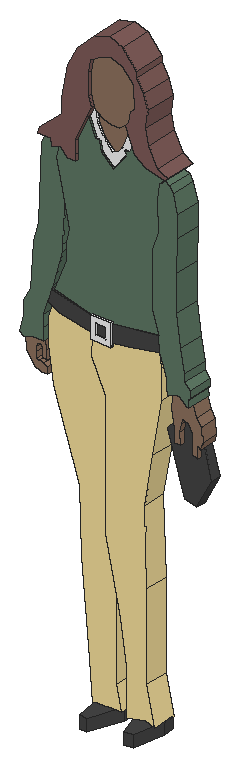
Revit family
Parameters (values of type "Lady")
  Height = 0 mm
  Assembly Code = ""
Types (2): name
  Man
  Lady
Reference planes
  plane 1 "Center (Front/Back)": y = 0
  plane 2: z = 0
  plane 3 "Center (Left/Right)": x = -11.745
  plane 4: through (-19.574, -6000, 974.301) normal (-0.1219, 0, 0.9925)
Forms (mm)
  Extrusion 1, solid, material "Fabric - Red Brown"
    sketch origin (0, 0, 0) x (1, 0, 0) y (0, 0, 1)
      loop
        line (-230.823, 1439.828) -> (-196.089, 1439.828) -> (-190.912, 1420.509) -> (-166.498, 1427.051) -> (-145.285, 1405.838) -> (-125.285, 1405.838) -> (-125.285, 1423.832) -> (-125.285, 1458.832) -> (-92.217, 1529.748) -> (-79.662, 1556.671) -> (-87.427, 1585.649) -> (-87.427, 1645.649) -> (-81.46, 1679.486) -> (-51.149, 1696.986) -> (-22.172, 1704.75) -> (10.718, 1692.779) -> (39.961, 1657.929) -> (39.961, 1623.947) -> (43.05, 1620.858) -> (43.05, 1595.517) -> (32.675, 1585.143) -> (27.466, 1555.599) -> (18.421, 1544.429) -> (43.05, 1480.269) -> (75.816, 1457.326) -> (128.942, 1443.091) -> (137.368, 1451.517) -> (109.954, 1468.647) -> (84.06, 1517.346) -> (75.177, 1559.137) -> (79.881, 1603.891) -> (69.168, 1643.869) -> (48.699, 1679.324) -> (48.699, 1694.187) -> (9.472, 1740.936) -> (-28.26, 1754.669) -> (-70.184, 1743.436) -> (-117.127, 1696.493) -> (-147.778, 1641.197) -> (-163.406, 1552.564) -> (-163.406, 1512.564) -> (-226.574, 1455.688) -> (-230.823, 1439.828)
    from -40 to 50
  Extrusion 2, solid, material "Fabric - Dark Skin"
    sketch origin (0, 0, 0) x (1, 0, 0) y (0, 0, 1)
      loop
        line (-81.46, 1679.486) -> (-87.427, 1645.649) -> (-87.427, 1585.649) -> (-80.153, 1558.502) -> (-71.094, 1548.081) -> (-50.259, 1534.028) -> (-28.13, 1527.263) -> (-5.207, 1527.263) -> (6.928, 1536.079) -> (18.421, 1544.429) -> (27.466, 1555.599) -> (32.675, 1585.143) -> (43.05, 1595.517) -> (43.05, 1620.858) -> (39.961, 1623.947) -> (39.961, 1657.929) -> (10.718, 1692.779) -> (-23.558, 1703.95) -> (-52.536, 1696.185) -> (-81.46, 1679.486)
    from -24.522 to 41.24
  Extrusion 3, solid, material "Fabric - Dark Skin"
    sketch origin (0, 0, 0) x (1, 0, 0) y (0, 0, 1)
      loop
        line (-70.945, 1547.981) -> (-73.496, 1539.638) -> (-71.481, 1520.467) -> (-55.78, 1486.797) -> (-27.496, 1458.513) -> (-8.824, 1465.68) -> (2.36, 1482.261) -> (22.07, 1533.608) -> (17.988, 1544.242) -> (-5.382, 1527.263) -> (-28.13, 1527.263) -> (-50.259, 1534.028) -> (-70.945, 1547.981)
    from -19.282 to 33.499
  Extrusion 4, solid, material "Fabric - White"
    sketch origin (0, 0, 0) x (1, 0, 0) y (0, 0, 1)
      loop
        line (22.07, 1533.608) -> (2.36, 1482.261) -> (-8.824, 1465.68) -> (-27.496, 1458.513) -> (-54.997, 1486.015) -> (-71.503, 1519.757) -> (-73.593, 1539.648) -> (-71.028, 1548.037) -> (-79.662, 1556.671) -> (-93.095, 1527.863) -> (-73.671, 1477.263) -> (-63.671, 1477.263) -> (-57.195, 1448.801) -> (-22.743, 1417.78) -> (13.624, 1464.328) -> (9.368, 1475.418) -> (22.243, 1475.418) -> (34.613, 1500.933) -> (22.07, 1533.608)
    from -31.935 to 38.256
  Extrusion 5, solid, material "Fabric - Suit Green"
    sketch origin (0, 0, 0) x (1, 0, 0) y (0, 0, 1)
      loop
        line (34.613, 1500.933) -> (22.243, 1475.418) -> (9.368, 1475.418) -> (13.624, 1464.328) -> (-22.743, 1417.78) -> (-57.195, 1448.801) -> (-63.022, 1474.409) -> (-73.671, 1477.263) -> (-93.095, 1527.863) -> (-125.285, 1458.832) -> (-125.285, 1405.838) -> (-145.285, 1405.838) -> (-170.358, 1430.911) -> (-177.043, 1424.225) -> (-186.082, 1390.492) -> (-171.46, 1327.158) -> (-146.716, 1219.977) -> (-157.336, 1180.54) -> (-157.336, 1135.54) -> (-189.72, 1051.176) -> (-83.498, 1022.571) -> (-23.498, 1022.571) -> (115.459, 1039.633) -> (94.181, 1109.23) -> (94.181, 1169.472) -> (94.181, 1254.472) -> (112.535, 1304.898) -> (112.535, 1339.898) -> (110.964, 1384.871) -> (114.886, 1429.699) -> (128.393, 1443.206) -> (75.267, 1457.441) -> (42.501, 1480.384) -> (34.613, 1500.933)
    from -24.522 to 41.24
  Extrusion 6, solid, material "Fabric - Suit Green"
    sketch origin (0, 0, 0) x (1, 0, 0) y (0, 0, 1)
      loop
        line (-216.344, 1439.828) -> (-222.604, 1433.569) -> (-234.088, 1408.94) -> (-241.37, 1200.399) -> (-255.41, 1148.002) -> (-264.13, 1023.307) -> (-284.13, 988.666) -> (-284.13, 948.666) -> (-295.777, 905.199) -> (-285.17, 894.593) -> (-261.909, 903.059) -> (-226.909, 903.059) -> (-226.909, 938.059) -> (-226.909, 973.059) -> (-199.842, 1056.365) -> (-175.254, 1148.128) -> (-175.254, 1168.128) -> (-165.837, 1302.799) -> (-186.082, 1390.492) -> (-177.043, 1424.225) -> (-190.912, 1420.509) -> (-196.089, 1439.828) -> (-216.344, 1439.828)
    from -31.935 to 33.499
  Extrusion 7, solid, material "Fabric - Dark Skin"
    sketch origin (0, 0, 0) x (1, 0, 0) y (0, 0, 1)
      loop
        line (-285.17, 894.593) -> (-280.926, 862.174) -> (-270.802, 841.417) -> (-258.231, 826.955) -> (-239.275, 818.116) -> (-222.978, 818.116) -> (-221.358, 836.629) -> (-232.406, 841.781) -> (-247.02, 844.357) -> (-253.27, 848.734) -> (-253.27, 865.965) -> (-253.27, 877.162) -> (-248.508, 887.374) -> (-241.275, 887.374) -> (-236.751, 879.538) -> (-236.751, 868.342) -> (-237.873, 855.522) -> (-224.293, 853.127) -> (-225.601, 878.093) -> (-226.909, 903.059) -> (-261.909, 903.059) -> (-285.17, 894.593)
    from -12.054 to 26.668
  Extrusion 8, solid, material "Fabric - Dark Skin"
    sketch origin (0, 0, 0) x (1, 0, 0) y (0, 0, 1)
      loop
        line (157.184, 907.279) -> (141.176, 902.99) -> (137.414, 888.95) -> (134.13, 857.705) -> (138.757, 842.572) -> (143.517, 808.704) -> (143.517, 773.704) -> (161.22, 774.942) -> (158.97, 807.121) -> (164.872, 829.146) -> (167.981, 840.75) -> (183.348, 836.633) -> (193.913, 813.975) -> (193.913, 758.975) -> (208.364, 755.103) -> (208.364, 788.109) -> (218.214, 782.421) -> (222.562, 798.645) -> (219.771, 838.548) -> (207.236, 860.26) -> (198.465, 888.95) -> (192.229, 888.95) -> (172.072, 909.107) -> (157.184, 907.279)
    from -16.163 to 32.714
  Extrusion 9, solid, material "Fabric - Black"
    sketch origin (0, 0, 0) x (1, 0, 0) y (0, 0, 1)
      loop
        line (141.017, 826.488) -> (114.006, 794.297) -> (163.709, 631.725) -> (197.516, 622.667) -> (240.431, 703.377) -> (218.214, 782.421) -> (207.943, 787.883) -> (207.943, 754.79) -> (193.913, 758.549) -> (193.913, 813.975) -> (183.348, 836.633) -> (167.981, 840.75) -> (158.97, 807.121) -> (161.22, 774.942) -> (143.517, 773.704) -> (143.517, 808.704) -> (141.017, 826.488)
    from -6.049 to 20.272
  Extrusion 10, solid, material "Fabric - Black"
    sketch origin (0, 0, 0) x (1, 0, 0) y (0, 0, 1)
      loop
        line (-195.073, 1052.617) -> (-203.558, 1015.864) -> (-173.498, 999.201) -> (-80.244, 981.074) -> (-80.244, 968.356) -> (-24.51, 965.199) -> (-24.51, 975.199) -> (21.902, 980.898) -> (113.789, 998.759) -> (111.671, 1039.168) -> (-23.498, 1022.571) -> (-83.498, 1022.571) -> (-195.073, 1052.617)
    from -28.24 to 44.885
  Extrusion 11, solid, material "Fabric - Yellow"
    sketch origin (0, 0, 0) x (1, 0, 0) y (0, 0, 1)
      loop
        line (-81.254, 968.4) -> (-86.184, 917.744) -> (-44.989, 829.399) -> (-44.989, 478.047) -> (-2.545, 278.364) -> (13.941, 161.061) -> (13.941, 30.704) -> (68.399, 42.279) -> (94.08, 32.932) -> (71.982, 136.895) -> (71.982, 379.148) -> (64.653, 589.02) -> (88.964, 726.893) -> (115.011, 874.614) -> (115.011, 958.191) -> (109.445, 997.802) -> (23.47, 981.09) -> (-24.51, 975.199) -> (-24.51, 965.426) -> (-81.254, 968.4)
    from -24.522 to 41.24
  Extrusion 12, solid, material "Fabric - Yellow"
    sketch origin (0, 0, 0) x (1, 0, 0) y (0, 0, 1)
      loop
        line (-198.685, 1013.163) -> (-214.974, 968.583) -> (-214.974, 898.583) -> (-201.057, 799.557) -> (-126.893, 571.303) -> (-120.611, 391.413) -> (-98.386, 137.383) -> (-88.609, 25.629) -> (-44.52, 35) -> (-6.081, 35) -> (-20.402, 102.378) -> (-20.402, 362.378) -> (-44.989, 478.047) -> (-44.989, 829.399) -> (-85.868, 917.065) -> (-80.244, 968.356) -> (-80.244, 981.074) -> (-173.498, 999.201) -> (-198.685, 1013.163)
    from -16.809 to 33.499
  Extrusion 13, solid, material "Fabric - Suit Green"
    sketch origin (0, 0, 0) x (1, 0, 0) y (0, 0, 1)
      loop
        line (128.393, 1443.206) -> (113.992, 1430.238) -> (110.07, 1385.409) -> (112.862, 1305.458) -> (94.901, 1256.109) -> (94.901, 1106.109) -> (115.367, 1039.168) -> (111.671, 1039.168) -> (113.789, 998.759) -> (123.75, 977.691) -> (136.293, 945.016) -> (134.282, 916.254) -> (136.887, 901.482) -> (157.042, 907.262) -> (172.377, 908.931) -> (192.359, 888.95) -> (198.465, 888.95) -> (196.375, 908.141) -> (203.446, 915.212) -> (203.446, 935.212) -> (187.215, 951.443) -> (187.215, 971.443) -> (175.928, 1035.456) -> (164.098, 1119.628) -> (164.098, 1221.383) -> (167.179, 1309.607) -> (167.179, 1371.296) -> (155.083, 1419.811) -> (145.083, 1437.131) -> (128.393, 1443.206)
    from -19.282 to 50
  Extrusion 14, solid, material "Fabric - White"
    sketch origin (0, 0, 0) x (1, 0, 0) y (0, 0, 1)
      loop
        line (-80.244, 967.51) -> (-24.51, 964.353) -> (-24.51, 1027.383) -> (-80.244, 1027.383) -> (-80.244, 967.51)
      loop
        line (-67.004, 1012.904) -> (-67.004, 981.784) -> (-39.706, 980.238) -> (-39.706, 1012.904) -> (-67.004, 1012.904)
    from -32.891 to 50
  Extrusion 15, solid, material "Fabric - Black"
    sketch origin (86.135, -2.429, 0) x (0.996195, 0.087156, 0) y (-0.087156, 0.996195, 0)
      loop
        line (-61.487, 25.843) -> (-61.487, -13.222) -> (-41.447, -93.595) -> (-14.388, -93.595) -> (9.18, -5.639) -> (9.18, 25.843) -> (-61.487, 25.843)
    from 0 to 33.737
  Extrusion 16, solid, material "Fabric - Black"
    sketch origin (-23.529, -3.847, 0) x (0.996195, -0.087156, 0) y (0.087156, 0.996195, 0)
      loop
        line (-61.487, 25.843) -> (-61.487, -13.222) -> (-39.115, -102.95) -> (-16.895, -102.95) -> (9.18, -5.639) -> (9.18, 25.843) -> (-61.487, 25.843)
    from 0 to 33.737
Lines and regions (mm)
  sketch lines
    curve 1: line (-2000, 2000, 0) -> (2000, 2000, 0)
    curve 2: line (-2000, 2000, 0) -> (-2000, -2000, 0)
    curve 3: line (-2000, -2000, 0) -> (2000, -2000, 0)
    curve 4: line (2000, 2000, 0) -> (2000, -2000, 0)
